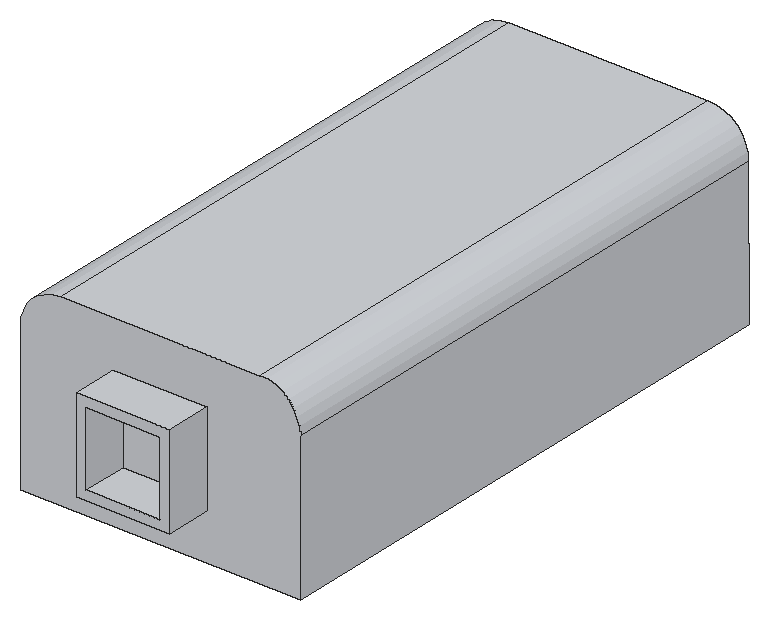
Revit family "STORAGE CONTAINER", category Generic Models, Revit 2025
Family settings
  Can host rebar = No
  Round Connector Dimension = Use Diameter
  Part Type = Normal
  Work Plane-Based = No
  Always vertical = Yes
  Cut with Voids When Loaded = No
  Maintain Annotation Orientation = No
  Shared = No
  Room Calculation Point = No
Parameters
  Default Elevation = 0' - 0"
Reference planes (in)
  plane 1 "Center (Front/Back)": y = 0
  plane 2: z = 0
  plane 3 "Center (Left/Right)": x = 0
Forms (in)
  Extrusion 1, solid
    sketch origin (0, 0, 0) x (1, 0, 0) y (0, 0, 1)
      loop
        line (59.05512, 0) -> (59.05512, 61.74016)
        arc (59.05512, 61.74016) -> (54.07593, 73.76097) -> (42.05512, 78.74016) r 17
        line (42.05512, 78.74016) -> (-42.05512, 78.74016)
        arc (-42.05512, 78.74016) -> (-54.07593, 73.76097) -> (-59.05512, 61.74016) r 17
        line (-59.05512, 61.74016) -> (-59.05512, 0) -> (59.05512, 0)
    from 118.10938 to -118.10938
  Extrusion 2, solid
    sketch origin (0, 0, 0) x (1, 0, 0) y (0, 0, 1)
      loop
        line (-19.68504, 59.05512) -> (-19.68504, 19.68504) -> (19.68504, 19.68504) -> (19.68504, 59.05512) -> (-19.68504, 59.05512)
      loop
        line (15.68504, 55.05512) -> (-15.68504, 55.05512) -> (-15.68504, 23.68504) -> (15.68504, 23.68504) -> (15.68504, 55.05512)
    from -118.10938 to -137.79688
  Extrusion 3, solid
    sketch origin (0, -236.21875, 0) x (1, 0, 0) y (0, 0, -1)
      loop
        line (-19.68504, -59.05512) -> (19.68504, -59.05512) -> (19.68504, -19.68504) -> (-19.68504, -19.68504) -> (-19.68504, -59.05512)
      loop
        line (-15.68504, -23.68504) -> (-15.68504, -55.05512) -> (15.68504, -55.05512) -> (15.68504, -23.68504) -> (-15.68504, -23.68504)
    from 118.10938 to 98.42578
Dimensions and locks (in)
  aligned and locked: plane 2 to level
